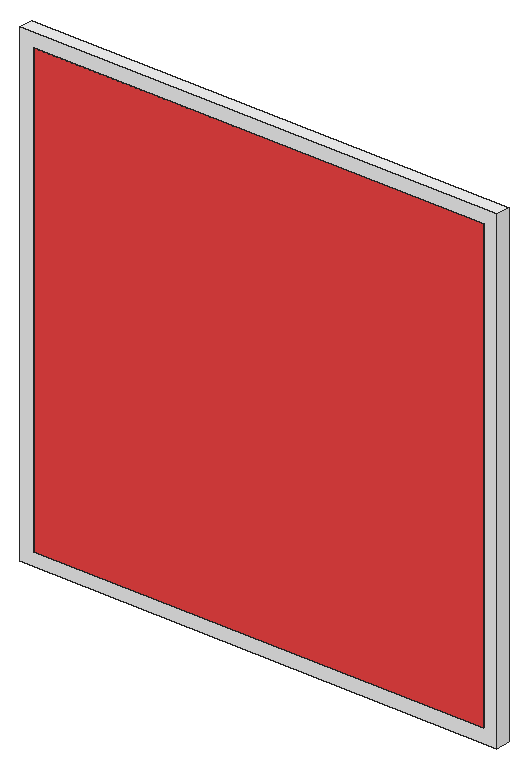
Revit family "Placa de Sinalização - E1 - 8m", category Dispositivos de segurança, Revit 2026
Family settings
  Cota do conector redondo = Utilizar diâmetro
  Tipo de parte = Normal
  Com base no plano de trabalho = Não
  Sempre na vertical = Não
  Corte com vazios quando carregada = Não
  Manter orientação da anotação = Não
  Compartilhado = Sim
  Ponto de cálculo do ambiente = Não
Parameters (values of type "Placa E1 - 8 Metros")
  URL = "www.alvesg.com.br"
  Tipo de imagem = E1.png
  Rede Social: = "@galvesbim"
  Na Planta Baixa [instance] = yes
  Modelo = "ALARME SONORO"
  Família Criada por: = "Geraldo G Alves"
  Fabricante = "Símbolo: quadrado\r\nFundo: vermelha\r\nPictograma:\r\nfotoluminescente"
  Email p/ contato: = "galves@alvesg.com.br"
  Desloc. Frente [instance] = 0 mm
  Desloc. Esquerda [instance] = 0 mm
  Elevação padrão = 0 mm
  Código da Placa = "E1"
  Descrição = "INDICAÇÃO DO LOCAL DE ACIONAMENTO DO ALARME DE INCÊNDIO"
  Comentários de tipos = "180 / 180"
Reference planes
  plane 1 "Centro (Frente/Trás)": y = 0
  plane 2: z = 0
  plane 3 "Centro (Esquerda/Direita)": x = 0
  plane 4: x = -89.25
  plane 5: x = 89.25
  plane 6: z = 1800
  plane 7: z = 1979
Forms (mm)
  Extrusion 1, solid, material "Vermelho"
    sketch origin (0, 0, 0) x (1, 0, 0) y (0, 0, 1)
      loop
        line (-84.25, 1974) -> (-84.25, 1805) -> (84.25, 1805) -> (84.25, 1974) -> (-84.25, 1974)
    from 0 to -5.255
  Extrusion 2, solid, material "Branco"
    sketch origin (-41.148, 8.5, 20.65) x (-1, 0, 0) y (0, 0, 1)
      loop
        line (-113.496, 1893.85) -> (-113.496, 1843.85) -> (-79.746, 1843.85) -> (-79.746, 1893.85) -> (-113.496, 1893.85)
      loop
        line (-71.746, 1864.777) -> (9.93, 1843.85) -> (28.128, 1893.85) -> (-71.746, 1874.678) -> (-71.746, 1864.777)
      loop
        line (-121.496, 1901.85) -> (-121.496, 1835.85) -> (-71.746, 1835.85) -> (-71.746, 1856.63) -> (15.088, 1834.633) -> (40.291, 1903.876) -> (-71.746, 1882.756) -> (-71.746, 1901.85) -> (-121.496, 1901.85)
    from -3 to -5.5
  Sweep 3, solid, material "Branco"
    path in 3D
      loop
        line (84.25, 5.255, 1974) -> (84.25, 5.255, 1805) -> (-84.25, 5.255, 1805) -> (-84.25, 5.255, 1974) -> (84.25, 5.255, 1974)
    profile origin (0, 5.255, 1974) x (0, 1, 0) y (0, 0, 1)
      loop
        line (-5.255, 0) -> (0, 0) -> (0, 5) -> (-5.255, 5) -> (-5.255, 0)
Lines and regions (mm)
  sketch lines
    curve 1: line (-84.25, 5.255, 1974) -> (84.25, 5.255, 1974)
    curve 2: line (-84.25, 5.255, 1805) -> (-84.25, 5.255, 1974)
    curve 3: line (84.25, 5.255, 1805) -> (-84.25, 5.255, 1805)
    curve 4: line (84.25, 5.255, 1974) -> (84.25, 5.255, 1805)
Dimensions and locks
  equal spacing: plane 4, plane 3 "Centro (Esquerda/Direita)", plane 5
  plane 4 to plane 5 = 178.5 mm
  locked: plane 6 to level at 1800
  plane 7 to plane 6 = 179 mm
  "Desloc. Esquerda": nested 1 to plane 3 "Centro (Esquerda/Direita)"
  "Desloc. Frente": plane 1 "Centro (Frente/Trás)" to nested 1
  aligned and locked: level to plane 2
Automatic sketch dimensions
  Extrusion 1 sketch curve to plane 4 = 5 mm
  plane 6 to Extrusion 1 sketch curve = 5 mm
  Extrusion 1 sketch curve to plane 5 = 5 mm
  Extrusion 1 sketch curve to plane 7 = 5 mm
  Sweep 3 sketch curve to profile plane = 0 mm  (x2)
  profile plane to Sweep 3 sketch curve = 5.255 mm
  profile plane to Sweep 3 sketch curve = 5 mm
  Extrusion 2 sketch curve to plane 5 = 8.903 mm
  Extrusion 2 sketch curve to Extrusion 2 sketch curve = 8 mm  (x6)
  Extrusion 2 sketch curve to Extrusion 2 sketch curve = 33.75 mm
  Extrusion 2 sketch curve to plane 4 = 38.172 mm
  Extrusion 2 sketch curve to Extrusion 2 sketch curve = 5.159 mm
  Extrusion 2 sketch curve to plane 4 = 19.973 mm
  Extrusion 2 sketch curve to plane 4 = 7.811 mm
  plane 6 to Extrusion 2 sketch curve = 55.283 mm
  plane 6 to Extrusion 2 sketch curve = 56.5 mm
  Extrusion 2 sketch curve to Extrusion 2 sketch curve = 9.217 mm
  Extrusion 2 sketch curve to Extrusion 2 sketch curve = 12.78 mm
  Extrusion 2 sketch curve to Extrusion 2 sketch curve = 8.147 mm
  Extrusion 2 sketch curve to Extrusion 2 sketch curve = 9.901 mm
  Extrusion 2 sketch curve to Extrusion 2 sketch curve = 8.078 mm
  Extrusion 2 sketch curve to Extrusion 2 sketch curve = 50 mm
  Extrusion 2 sketch curve to Extrusion 2 sketch curve = 11.094 mm
  Extrusion 2 sketch curve to Extrusion 2 sketch curve = 10.026 mm
Nested families
  nested 1: "S4" at (0, 179, 1800) x (-1, 0, 0) z (0, 0, 1), visible <- "Na Planta Baixa", type "S N", detail levels coarse+medium
    with Desloc. Frente 0 mm, Desloc. Esquerda 0 mm
Definition of nested family "S4"
  Parameters (values of type "S N")
    Desloc. Frente [instance] = 0 mm
    Desloc. Esquerda [instance] = 0 mm
    Default Elevation = 0 mm
  Reference planes
    plane 1 "Centro (Frente/Trás)": y = 0
    plane 2: z = 0
    plane 3 "Centro (Esquerda/Direita)": x = 0
    plane 4: x = -89.5
    plane 5: y = 179
    plane 6: x = 89.5
    plane 7: y = 0
    plane 8: x = 0
    plane 9: y = 89.5
    plane 10: x = 0
  Forms (mm)
    Extrusion 1, solid
      sketch origin (0, 0, 0) x (1, 0, 0) y (0, 1, 0)
        loop
          line (-80, 5) -> (80, 5)
          arc (80, 5) -> (83.182, 6.318) -> (84.5, 9.5) r 4.5
          line (84.5, 9.5) -> (84.5, 169.5)
          arc (84.5, 169.5) -> (83.182, 172.682) -> (80, 174) r 4.5
          line (80, 174) -> (-80, 174)
          arc (-80, 174) -> (-83.182, 172.682) -> (-84.5, 169.5) r 4.5
          line (-84.5, 169.5) -> (-84.5, 9.5)
          arc (-84.5, 9.5) -> (-83.182, 6.318) -> (-80, 5) r 4.5
      from 0 to 5
    Sweep 2, solid
      path in 3D
        loop
          arc (-84.5, 169.5, 0) -> (-83.182, 172.682, 0) -> (-80, 174, 0) r 4.5
          line (-80, 174, 0) -> (80, 174, 0)
          arc (80, 174, 0) -> (83.182, 172.682, 0) -> (84.5, 169.5, 0) r 4.5
          line (84.5, 169.5, 0) -> (84.5, 9.5, 0)
          arc (84.5, 9.5, 0) -> (83.182, 6.318, 0) -> (80, 5, 0) r 4.5
          line (80, 5, 0) -> (-80, 5, 0)
          arc (-80, 5, 0) -> (-83.182, 6.318, 0) -> (-84.5, 9.5, 0) r 4.5
          line (-84.5, 9.5, 0) -> (-84.5, 169.5, 0)
      profile origin (-84.5, 89.5, 0) x (1, 0, 0) y (0, 0, -1)
        loop
          line (0, -5) -> (0, 0) -> (-5, 0)
          arc (-5, 0) -> (-3.536, -3.536) -> (0, -5) r 5
    Extrusion 3, solid, not visible
      sketch origin (0, 0, 0) x (1, 0, 0) y (0, 1, 0)
        loop
          line (-148.5, 5) -> (148.5, 5)
          arc (148.5, 5) -> (151.682, 6.318) -> (153, 9.5) r 4.5
          line (153, 9.5) -> (153, 148.5)
          arc (153, 148.5) -> (151.682, 151.682) -> (148.5, 153) r 4.5
          line (148.5, 153) -> (-148.5, 153)
          arc (-148.5, 153) -> (-151.682, 151.682) -> (-153, 148.5) r 4.5
          line (-153, 148.5) -> (-153, 9.5)
          arc (-153, 9.5) -> (-151.682, 6.318) -> (-148.5, 5) r 4.5
      from 0 to 5
    Extrusion 4, solid, not visible
      sketch origin (0, 0, 0) x (1, 0, 0) y (0, 1, 0)
        loop
          circle (-64.198, 128.883) r 11.482
        loop
          line (-34.846, 95.221) -> (-34.846, 147.352) -> (-123.678, 147.352) -> (-123.678, 55.943) -> (-131.975, 55.943) -> (-143.314, 37.071) -> (-123.678, 37.071) -> (-123.678, 17.071) -> (-130.749, 10) -> (-75.749, 10) -> (-65.946, 16.865) -> (-47.553, 16.865) -> (-54.417, 10) -> (-44.417, 10) -> (-34.846, 19.571) -> (-34.846, 81.729) -> (-49.846, 81.729) -> (-62.702, 97.05) -> (-73.89, 78.43) -> (-45.396, 20.009) -> (-61.455, 20.009) -> (-84.33, 66.91) -> (-86.263, 64.976) -> (-87.767, 47.793) -> (-94.838, 40.721) -> (-136.348, 40.721) -> (-128.623, 53.579) -> (-100.115, 53.579) -> (-100.115, 78.579) -> (-87.605, 103.132) -> (-87.605, 106.55) -> (-100.115, 106.55) -> (-112.777, 87.895)
          arc (-112.777, 87.895) -> (-118.793, 88.949) -> (-119.848, 94.966) r 5.317
          line (-119.848, 94.966) -> (-105.808, 115.651) -> (-67.726, 115.651) -> (-57.238, 110.307) -> (-46.675, 95.221) -> (-34.846, 95.221)
        loop
          line (45.154, 92.275) -> (45.154, 71.183) -> (88.314, 71.183) -> (69.03, 48.202) -> (99.03, 48.202) -> (132.557, 81.729) -> (99.03, 115.257) -> (69.03, 115.257) -> (88.314, 92.275) -> (45.154, 92.275)
      from 3 to 5.5
    Sweep 5, solid, not visible
      path in 3D
        loop
          arc (-153, 148.5, 0) -> (-151.682, 151.682, 0) -> (-148.5, 153, 0) r 4.5
          line (-148.5, 153, 0) -> (148.5, 153, 0)
          arc (148.5, 153, 0) -> (151.682, 151.682, 0) -> (153, 148.5, 0) r 4.5
          line (153, 148.5, 0) -> (153, 9.5, 0)
          arc (153, 9.5, 0) -> (151.682, 6.318, 0) -> (148.5, 5, 0) r 4.5
          line (148.5, 5, 0) -> (-148.5, 5, 0)
          arc (-148.5, 5, 0) -> (-151.682, 6.318, 0) -> (-153, 9.5, 0) r 4.5
          line (-153, 9.5, 0) -> (-153, 148.5, 0)
      profile origin (-153, 79, 0) x (1, 0, 0) y (0, 0, -1)
        loop
          line (0, -5) -> (0, 0) -> (-5, 0)
          arc (-5, 0) -> (-3.536, -3.536) -> (0, -5) r 5
    Extrusion 6, solid, not visible
      sketch origin (0, 0, 0) x (1, 0, 0) y (0, 1, 0)
        loop
          line (-80, 5) -> (80, 5)
          arc (80, 5) -> (83.182, 6.318) -> (84.5, 9.5) r 4.5
          line (84.5, 9.5) -> (84.5, 169.5)
          arc (84.5, 169.5) -> (83.182, 172.682) -> (80, 174) r 4.5
          line (80, 174) -> (-80, 174)
          arc (-80, 174) -> (-83.182, 172.682) -> (-84.5, 169.5) r 4.5
          line (-84.5, 169.5) -> (-84.5, 9.5)
          arc (-84.5, 9.5) -> (-83.182, 6.318) -> (-80, 5) r 4.5
      from 0 to 5
    Sweep 7, solid, not visible
      path in 3D
        loop
          arc (-84.5, 169.5, 0) -> (-83.182, 172.682, 0) -> (-80, 174, 0) r 4.5
          line (-80, 174, 0) -> (80, 174, 0)
          arc (80, 174, 0) -> (83.182, 172.682, 0) -> (84.5, 169.5, 0) r 4.5
          line (84.5, 169.5, 0) -> (84.5, 9.5, 0)
          arc (84.5, 9.5, 0) -> (83.182, 6.318, 0) -> (80, 5, 0) r 4.5
          line (80, 5, 0) -> (-80, 5, 0)
          arc (-80, 5, 0) -> (-83.182, 6.318, 0) -> (-84.5, 9.5, 0) r 4.5
          line (-84.5, 9.5, 0) -> (-84.5, 169.5, 0)
      profile origin (-84.5, 89.5, 0) x (1, 0, 0) y (0, 0, -1)
        loop
          line (0, -5) -> (0, 0) -> (-5, 0)
          arc (-5, 0) -> (-3.536, -3.536) -> (0, -5) r 5
    Extrusion 8, solid
      sketch origin (169.763, 19.249, 0) x (1, 0, 0) y (0, 1, 0)
        loop
          line (-243.513, 95.438) -> (-243.513, 45.438) -> (-209.763, 45.438) -> (-209.763, 95.438) -> (-243.513, 95.438)
        loop
          line (-201.763, 66.364) -> (-120.087, 45.438) -> (-101.889, 95.438) -> (-201.763, 76.266) -> (-201.763, 66.364)
        loop
          line (-251.513, 103.438) -> (-251.513, 37.438) -> (-201.763, 37.438) -> (-201.763, 58.218) -> (-114.929, 36.221) -> (-89.726, 105.464) -> (-201.763, 84.344) -> (-201.763, 103.438) -> (-251.513, 103.438)
      from 0 to 6
    Extrusion 9, solid, not visible
      sketch origin (169.763, 19.249, 0) x (1, 0, 0) y (0, 1, 0)
        loop
          line (-243.513, 95.438) -> (-243.513, 45.438) -> (-209.763, 45.438) -> (-209.763, 95.438) -> (-243.513, 95.438)
        loop
          line (-201.763, 66.364) -> (-120.087, 45.438) -> (-101.889, 95.438) -> (-201.763, 76.266) -> (-201.763, 66.364)
        loop
          line (-251.513, 103.438) -> (-251.513, 37.438) -> (-201.763, 37.438) -> (-201.763, 58.218) -> (-114.929, 36.221) -> (-89.726, 105.464) -> (-201.763, 84.344) -> (-201.763, 103.438) -> (-251.513, 103.438)
      from 0 to 6
  Lines and regions (mm)
    sketch lines
      curve 1: line (-84.5, 9.5, 0) -> (-84.5, 169.5, 0)
      curve 2: arc (-80, 174, 0) -> (-83.182, 172.682, 0) -> (-84.5, 169.5, 0) r 4.5
      curve 3: line (-80, 174, 0) -> (80, 174, 0)
      curve 4: arc (-84.5, 9.5, 0) -> (-83.182, 6.318, 0) -> (-80, 5, 0) r 4.5
      curve 5: line (80, 5, 0) -> (-80, 5, 0)
      curve 6: arc (80, 5, 0) -> (83.182, 6.318, 0) -> (84.5, 9.5, 0) r 4.5
      curve 7: line (84.5, 169.5, 0) -> (84.5, 9.5, 0)
      curve 8: arc (84.5, 169.5, 0) -> (83.182, 172.682, 0) -> (80, 174, 0) r 4.5
    sketch lines, not visible
      curve 9: line (-153, 9.5, 0) -> (-153, 148.5, 0)
      curve 10: arc (-148.5, 153, 0) -> (-151.682, 151.682, 0) -> (-153, 148.5, 0) r 4.5
      curve 11: line (-148.5, 153, 0) -> (148.5, 153, 0)
      curve 12: arc (-153, 9.5, 0) -> (-151.682, 6.318, 0) -> (-148.5, 5, 0) r 4.5
      curve 13: line (148.5, 5, 0) -> (-148.5, 5, 0)
      curve 14: arc (148.5, 5, 0) -> (151.682, 6.318, 0) -> (153, 9.5, 0) r 4.5
      curve 15: line (153, 148.5, 0) -> (153, 9.5, 0)
      curve 16: arc (153, 148.5, 0) -> (151.682, 151.682, 0) -> (148.5, 153, 0) r 4.5
      curve 17: line (-84.5, 9.5, 0) -> (-84.5, 169.5, 0)
      curve 18: arc (-80, 174, 0) -> (-83.182, 172.682, 0) -> (-84.5, 169.5, 0) r 4.5
      curve 19: line (-80, 174, 0) -> (80, 174, 0)
      curve 20: arc (-84.5, 9.5, 0) -> (-83.182, 6.318, 0) -> (-80, 5, 0) r 4.5
      curve 21: line (80, 5, 0) -> (-80, 5, 0)
      curve 22: arc (80, 5, 0) -> (83.182, 6.318, 0) -> (84.5, 9.5, 0) r 4.5
      curve 23: line (84.5, 169.5, 0) -> (84.5, 9.5, 0)
      curve 24: arc (84.5, 169.5, 0) -> (83.182, 172.682, 0) -> (80, 174, 0) r 4.5
    model lines
      curve 25: line (0, 158, 0) -> (0, 0, 0)
    model lines, not visible
      curve 26: line (0, 158, 0) -> (0, 0, 0)
  Dimensions and locks
    plane 1 "Centro (Frente/Trás)" to plane 5 = 179 mm
    plane 4 to plane 3 "Centro (Esquerda/Direita)" to plane 6 = 89.5 mm, 89.5 mm
    plane 4 to plane 6 = 179 mm
    equal spacing: plane 5, plane 9, plane 7
    "Desloc. Esquerda": curve 25 to plane 10
    "Desloc. Frente": Sweep 2 to plane 7
    aligned and locked: level to plane 2
  Automatic sketch dimensions
    Sweep 2 sketch curve to profile plane = 0 mm
    profile plane to Sweep 2 sketch curve = 0 mm
    Sweep 2 sketch curve to Sweep 2 sketch curve = 5 mm
    Extrusion 3 sketch curve to Extrusion 3 sketch curve = 4.5 mm  (x3)
    Sweep 5 sketch curve to profile plane = 0 mm
    profile plane to Sweep 5 sketch curve = 0 mm
    Sweep 5 sketch curve to Sweep 5 sketch curve = 5 mm
    Extrusion 4 sketch curve to Extrusion 4 sketch curve = 6.966 mm
    Extrusion 4 sketch curve to Extrusion 4 sketch curve = 4.373 mm
    Extrusion 4 sketch curve to Extrusion 4 sketch curve = 3.352 mm
    Extrusion 4 sketch curve to Extrusion 4 sketch curve = 4.944 mm
    Extrusion 4 sketch curve to Extrusion 4 sketch curve = 12.67 mm
    Extrusion 4 sketch curve to Extrusion 4 sketch curve = 4.814 mm  (x2)
    Extrusion 4 sketch curve to Extrusion 4 sketch curve = 2.257 mm
    Extrusion 4 sketch curve to Extrusion 4 sketch curve = 9.226 mm
    Extrusion 4 sketch curve to Extrusion 4 sketch curve = 23.563 mm
    Extrusion 4 sketch curve to Extrusion 4 sketch curve = 5.693 mm
    Extrusion 4 sketch curve to Extrusion 4 sketch curve = 5.277 mm
    Extrusion 4 sketch curve to Extrusion 4 sketch curve = 7.071 mm  (x4)
    Extrusion 4 sketch curve to Extrusion 4 sketch curve = 12.51 mm
    Extrusion 4 sketch curve to Extrusion 4 sketch curve = 1.503 mm
    Extrusion 4 sketch curve to Extrusion 4 sketch curve = 1.933 mm  (x2)
    Extrusion 4 sketch curve to Extrusion 4 sketch curve = 19.088 mm
    Extrusion 4 sketch curve to Extrusion 4 sketch curve = 10.44 mm
    Extrusion 4 sketch curve to Extrusion 4 sketch curve = 19.878 mm
    Extrusion 4 sketch curve to Extrusion 4 sketch curve = 9.804 mm
    Extrusion 4 sketch curve to Extrusion 4 sketch curve = 3.528 mm
    Extrusion 4 sketch curve to Extrusion 4 sketch curve = 5.025 mm
    Extrusion 4 sketch curve to Extrusion 4 sketch curve = 4.491 mm
    Extrusion 4 sketch curve to Extrusion 4 sketch curve = 10.488 mm
    Extrusion 4 sketch curve to Extrusion 4 sketch curve = 7.038 mm
    Extrusion 4 sketch curve to Extrusion 4 sketch curve = 12.856 mm
    Extrusion 4 sketch curve to Extrusion 4 sketch curve = 6.865 mm  (x2)
    Extrusion 4 sketch curve to Extrusion 4 sketch curve = 3.171 mm
    Extrusion 4 sketch curve to Extrusion 4 sketch curve = 2.157 mm
    Extrusion 4 sketch curve to Extrusion 4 sketch curve = 3.135 mm
    Extrusion 4 sketch curve to Extrusion 4 sketch curve = 29.352 mm
    Extrusion 4 sketch curve to Extrusion 4 sketch curve = 0 mm  (x3)
    Extrusion 4 sketch curve to Extrusion 4 sketch curve = 80 mm
    Extrusion 4 sketch curve to Extrusion 4 sketch curve = 23.876 mm  (x2)
    Extrusion 4 sketch curve to Extrusion 4 sketch curve = 19.284 mm
    Extrusion 4 sketch curve to Extrusion 4 sketch curve = 10.716 mm  (x2)
    Extrusion 4 sketch curve to Extrusion 4 sketch curve = 0.437 mm
    Extrusion 4 sketch curve to Extrusion 4 sketch curve = 3.65 mm
    Extrusion 4 sketch curve to Extrusion 4 sketch curve = 12.858 mm
    Extrusion 4 sketch curve to Extrusion 4 sketch curve = 2.364 mm
    Extrusion 4 sketch curve to Extrusion 4 sketch curve = 17.184 mm
    Extrusion 4 sketch curve to Extrusion 4 sketch curve = 11.521 mm
    Extrusion 4 sketch curve to Extrusion 4 sketch curve = 13.603 mm
    Extrusion 4 sketch curve to Extrusion 4 sketch curve = 28.578 mm
    Extrusion 4 sketch curve to Extrusion 4 sketch curve = 10.546 mm
    Extrusion 4 sketch curve to Extrusion 4 sketch curve = 9.316 mm
    Extrusion 4 sketch curve to Extrusion 4 sketch curve = 13.492 mm
    Extrusion 4 sketch curve to Extrusion 4 sketch curve = 13.257 mm
    Extrusion 4 sketch curve to Extrusion 4 sketch curve = 12.52 mm
    Extrusion 4 sketch curve to Extrusion 4 sketch curve = 3.419 mm
    Extrusion 4 sketch curve to Extrusion 4 sketch curve = 13.232 mm
    Extrusion 4 sketch curve to Extrusion 4 sketch curve = 20 mm
    Extrusion 3 sketch curve to Extrusion 3 sketch curve = 297 mm
    Extrusion 3 sketch curve to Extrusion 3 sketch curve = 0 mm
    Extrusion 3 sketch curve to Extrusion 3 sketch curve = 139 mm
    Extrusion 4 sketch curve to Extrusion 4 sketch curve = 19.733 mm
    Extrusion 4 sketch curve to Extrusion 4 sketch curve = 44.244 mm
    Extrusion 4 sketch curve to Extrusion 4 sketch curve = 2.707 mm
    Extrusion 4 sketch curve to Extrusion 4 sketch curve = 28.631 mm
    Extrusion 4 sketch curve to Extrusion 4 sketch curve = 22.981 mm
    Extrusion 4 sketch curve to Extrusion 4 sketch curve = 3.299 mm
    Extrusion 4 sketch curve to Extrusion 4 sketch curve = 21.092 mm
    Extrusion 4 sketch curve to Extrusion 4 sketch curve = 6.081 mm
    Extrusion 4 sketch curve to Extrusion 4 sketch curve = 31.701 mm
    Sweep 7 sketch curve to profile plane = 0 mm
    profile plane to Sweep 7 sketch curve = 0 mm
    Sweep 7 sketch curve to Sweep 7 sketch curve = 5 mm
    curve 25 to curve 25 = 158 mm
    curve 26 to curve 26 = 158 mm
    Extrusion 8 sketch curve to Extrusion 8 sketch curve = 8 mm  (x5)
    Extrusion 8 sketch curve to Extrusion 8 sketch curve = 33.75 mm
    Extrusion 8 sketch curve to Extrusion 8 sketch curve = 0 mm
    Extrusion 8 sketch curve to Extrusion 8 sketch curve = 81.676 mm
    Extrusion 8 sketch curve to Extrusion 8 sketch curve = 5.159 mm
    Extrusion 8 sketch curve to Extrusion 8 sketch curve = 18.199 mm
    Extrusion 8 sketch curve to Extrusion 8 sketch curve = 12.163 mm
    Extrusion 8 sketch curve to Extrusion 8 sketch curve = 1.217 mm
    Extrusion 8 sketch curve to Extrusion 8 sketch curve = 9.217 mm
    Extrusion 8 sketch curve to Extrusion 8 sketch curve = 12.78 mm
    Extrusion 8 sketch curve to Extrusion 8 sketch curve = 8.147 mm
    Extrusion 8 sketch curve to Extrusion 8 sketch curve = 9.901 mm
    Extrusion 8 sketch curve to Extrusion 8 sketch curve = 8.078 mm
    Extrusion 8 sketch curve to Extrusion 8 sketch curve = 11.094 mm
    Extrusion 8 sketch curve to Extrusion 8 sketch curve = 50 mm
    Extrusion 8 sketch curve to Extrusion 8 sketch curve = 10.026 mm
    Extrusion 9 sketch curve to Extrusion 9 sketch curve = 8 mm  (x5)
    Extrusion 9 sketch curve to Extrusion 9 sketch curve = 33.75 mm
    Extrusion 9 sketch curve to Extrusion 9 sketch curve = 0 mm
    Extrusion 9 sketch curve to Extrusion 9 sketch curve = 81.676 mm
    Extrusion 9 sketch curve to Extrusion 9 sketch curve = 5.159 mm
    Extrusion 9 sketch curve to Extrusion 9 sketch curve = 18.199 mm
    Extrusion 9 sketch curve to Extrusion 9 sketch curve = 12.163 mm
    Extrusion 9 sketch curve to Extrusion 9 sketch curve = 1.217 mm
    Extrusion 9 sketch curve to Extrusion 9 sketch curve = 9.217 mm
    Extrusion 9 sketch curve to Extrusion 9 sketch curve = 12.78 mm
    Extrusion 9 sketch curve to Extrusion 9 sketch curve = 8.147 mm
    Extrusion 9 sketch curve to Extrusion 9 sketch curve = 9.901 mm
    Extrusion 9 sketch curve to Extrusion 9 sketch curve = 8.078 mm
    Extrusion 9 sketch curve to Extrusion 9 sketch curve = 11.094 mm
    Extrusion 9 sketch curve to Extrusion 9 sketch curve = 50 mm
    Extrusion 9 sketch curve to Extrusion 9 sketch curve = 10.026 mm
    Extrusion 1 sketch curve to Extrusion 1 sketch curve = 4.5 mm  (x3)
    Extrusion 1 sketch curve to Extrusion 1 sketch curve = 160 mm  (x3)
    Extrusion 6 sketch curve to Extrusion 6 sketch curve = 4.5 mm  (x3)
    Extrusion 6 sketch curve to Extrusion 6 sketch curve = 160 mm  (x3)
    radius of Extrusion 4 sketch curve = 11.482 mm
